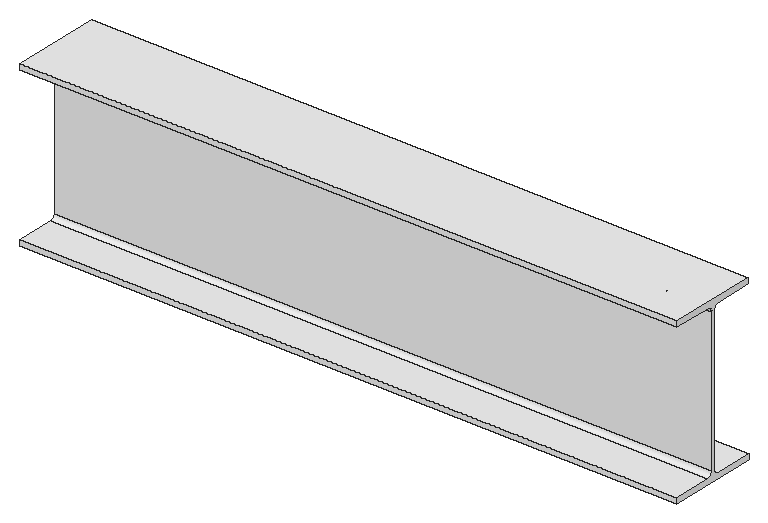
Revit family "VU-Viga universal", category Quadro estrutural, Revit 2019
Family settings
  Arredondamento do comprimento do framing estrutural = 0 mm
  Forma do corte = Não definido
  Material para o comportamento do modelo = Aço
  Exportar sempre como geometria = Não
  Número OmniClass = 23.25.30.11.14.14
  Título OmniClass = Beams
  ID de item do Seek = UB-Universal Beam-0000-CAN-ENU
  Sempre na vertical = Sim
  Corte com vazios quando carregada = Não
  Representação simbólica = Das configurações de projeto
  Compartilhado = Não
  Exibir o pré-corte da família na vista da planta = Sim
Parameters (values of type "305x165x40UB")
  W = 0
  Structural Material [instance] = Aço, 45-345
  Assembly Code = ""
  Ix = 8503
  Length [instance] = 1524 mm
  M = 40.3
  Nominal h = "305"
  Zx = 560
  b = 165 mm
  h = 303.4 mm
  r = 8.9 mm
  s = 6 mm
  t = 10.2 mm
  A = 0.005 m²
Reference planes
  plane 1 "Centro (Frente/Trás)": y = 0
  plane 2: z = 0
  plane 3 "Centro (Esquerda/Direita)": x = 4.61
  plane 4 "Membro esquerdo": x = -604.99
  plane 5 "Membro direito": x = 614.21
  plane 6: y = 82.5
  plane 7: y = -82.5
  plane 8 "Superior": z = 151.7
  plane 9: z = -151.7
  plane 10 "Esquerda": x = -757.39
  plane 11 "Direita": x = 766.61
Forms (mm)
  Sweep 1, solid, material "Aço, 45-345" <- "Structural Material", detail levels fine
    path origin (0, 0, 0) x (1, 0, 0) y (0, 1, 0)
      loop
        line (614.21, 0) -> (-604.99, 0)
    profile "M_W-Flange ampla-Perfil-Alto : M_W-Flange ampla-Perfil-Alto" origin (4.61, 0, 0) x (0, -1, 0) y (0, 0, 1)
      loop
        line (-82.5, -151.7) -> (82.5, -151.7) -> (82.5, -141.5) -> (11.9, -141.5)
        arc (11.9, -141.5) -> (5.607, -138.893) -> (3, -132.6) r 8.9
        line (3, -132.6) -> (3, 132.6)
        arc (3, 132.6) -> (5.607, 138.893) -> (11.9, 141.5) r 8.9
        line (11.9, 141.5) -> (82.5, 141.5) -> (82.5, 151.7) -> (-82.5, 151.7) -> (-82.5, 141.5) -> (-11.9, 141.5)
        arc (-11.9, 141.5) -> (-5.607, 138.893) -> (-3, 132.6) r 8.9
        line (-3, 132.6) -> (-3, -132.6)
        arc (-3, -132.6) -> (-5.607, -138.893) -> (-11.9, -141.5) r 8.9
        line (-11.9, -141.5) -> (-82.5, -141.5) -> (-82.5, -151.7)
  Sweep 2, solid, material "Aço, 45-345" <- "Structural Material", detail levels medium
    path origin (0, 0, 0) x (1, 0, 0) y (0, 1, 0)
      loop
        line (614.21, 0) -> (-604.99, 0)
    profile "M_W-Flange ampla-Perfil-Médio : M_W-Flange ampla-Perfil-Médio" origin (4.61, 0, 0) x (0, -1, 0) y (0, 0, 1)
      loop
        line (-82.5, -151.7) -> (82.5, -151.7) -> (82.5, -141.5) -> (3, -141.5) -> (3, 141.5) -> (82.5, 141.5) -> (82.5, 151.7) -> (-82.5, 151.7) -> (-82.5, 141.5) -> (-3, 141.5) -> (-3, -141.5) -> (-82.5, -141.5) -> (-82.5, -151.7)
Lines and regions (mm)
  symbolic lines, style "Faces ocultas", detail levels medium+fine
    curve 1: line (614.21, -3, 0) -> (-604.99, -3, 0)
    curve 2: line (614.21, 3, 0) -> (-604.99, 3, 0)
  symbolic lines, style "Símbolos de vara", detail levels coarse
    curve 3: line (4.61, 82.5, 151.7) -> (4.61, -82.5, 151.7)
    curve 4: line (4.61, -82.5, -151.7) -> (4.61, 82.5, -151.7)
    curve 5: line (4.61, 0, 151.7) -> (4.61, 0, -151.7)
Dimensions and locks
  "b": plane 6 to plane 7
  "h": plane 9 to plane 8 "Superior"
  equal spacing: plane 9, plane 2, plane 8 "Superior"
  equal spacing: plane 6, plane 1 "Centro (Frente/Trás)", plane 7
  "Length": plane 10 "Esquerda" to plane 11 "Direita"
  aligned and locked: Sweep 1 sketch curve to plane 1 "Centro (Frente/Trás)"
  aligned and locked: Sweep 2 sketch curve to plane 1 "Centro (Frente/Trás)"
  aligned and locked: Sweep 2 to curve 3  (x2)
  aligned and locked: Sweep 2 to curve 4  (x2)
  aligned and locked: curve 4 to Sweep 2
  aligned and locked: curve 3 to Sweep 2
  aligned and locked: plane 4 "Membro esquerdo" to Sweep 2 sketch curve
  aligned and locked: plane 5 "Membro direito" to Sweep 2 sketch curve
  aligned and locked: plane 4 "Membro esquerdo" to Sweep 1 sketch curve
  aligned and locked: plane 5 "Membro direito" to Sweep 1 sketch curve
  aligned and locked: plane 4 "Membro esquerdo" to curve 1
  aligned and locked: plane 4 "Membro esquerdo" to curve 2
  aligned and locked: plane 5 "Membro direito" to curve 1
  aligned and locked: plane 5 "Membro direito" to curve 2
Automatic sketch dimensions
  plane 1 "Centro (Frente/Trás)" to curve 1 = 3 mm
  curve 2 to plane 1 "Centro (Frente/Trás)" = 3 mm
  curve 5 to plane 1 "Centro (Frente/Trás)" = 0 mm
Types in the file's own list only (72): name | Ix | M | Nominal h | Zx | b | h | r | s | t | A
  1016x305x487UB | 1021400 | 486.6 | "1016" | 19720 | 309 mm | 1036 mm | 30 mm | 30 mm | 54 mm | 0.06 m²
  1016x305x437UB | 909900 | 436.9 | "1016" | 17740 | 305 mm | 1026 mm | 30 mm | 27 mm | 49 mm | 0.06 m²
  1016x305x393UB | 807700 | 392.7 | "1016" | 15900 | 303 mm | 1016 mm | 30 mm | 24 mm | 44 mm | 0.05 m²
  1016x305x349UB | 723100 | 349.4 | "1016" | 14350 | 302 mm | 1008 mm | 30 mm | 21 mm | 40 mm | 0.04 m²
  1016x305x314UB | 644200 | 314.3 | "1016" | 12880 | 300 mm | 1000 mm | 30 mm | 19 mm | 36 mm | 0.04 m²
  1016x305x272UB | 554000 | 272.3 | "1016" | 11190 | 300 mm | 990 mm | 30 mm | 17 mm | 31 mm | 0.03 m²
  1016x305x249UB | 481300 | 248.7 | "1016" | 9821 | 300 mm | 980 mm | 30 mm | 17 mm | 26 mm | 0.03 m²
  1016x305x222UB | 408000 | 222 | "1016" | 8409 | 300 mm | 970 mm | 30 mm | 16 mm | 21 mm | 0.03 m²
  838x292x194UB | 279200 | 193.8 | "838" | 6641 | 292 mm | 841 mm | 18 mm | 15 mm | 22 mm | 0.02 m²
  838x292x176UB | 246000 | 175.9 | "838" | 5893 | 292 mm | 835 mm | 18 mm | 14 mm | 19 mm | 0.02 m²
  762x267x197UB | 240000 | 196.8 | "762" | 6234 | 268 mm | 770 mm | 17 mm | 16 mm | 25 mm | 0.03 m²
  762x267x173UB | 205300 | 173 | "762" | 5387 | 267 mm | 762 mm | 17 mm | 14 mm | 22 mm | 0.02 m²
  762x267x147UB | 168500 | 146.9 | "762" | 4470 | 265 mm | 754 mm | 17 mm | 13 mm | 18 mm | 0.02 m²
  762x267x134UB | 150700 | 133.9 | "762" | 4018 | 264 mm | 750 mm | 17 mm | 12 mm | 16 mm | 0.02 m²
  686x254x170UB | 170300 | 170.2 | "686" | 4916 | 256 mm | 693 mm | 15 mm | 15 mm | 24 mm | 0.02 m²
  686x254x152UB | 150400 | 152.4 | "686" | 4374 | 255 mm | 688 mm | 15 mm | 13 mm | 21 mm | 0.02 m²
  686x254x140UB | 136300 | 140.1 | "686" | 3987 | 254 mm | 684 mm | 15 mm | 12 mm | 19 mm | 0.02 m²
  686x254x125UB | 118000 | 125.2 | "686" | 3481 | 253 mm | 678 mm | 15 mm | 12 mm | 16 mm | 0.02 m²
  610x305x238UB | 209500 | 238.1 | "610" | 6589 | 311 mm | 636 mm | 17 mm | 18 mm | 31 mm | 0.03 m²
  610x305x179UB | 153000 | 179 | "610" | 4935 | 307 mm | 620 mm | 17 mm | 14 mm | 24 mm | 0.02 m²
  610x305x149UB | 125900 | 149.2 | "610" | 4111 | 305 mm | 612 mm | 17 mm | 12 mm | 20 mm | 0.02 m²
  610x229x140UB | 111800 | 139.9 | "610" | 3622 | 230 mm | 617 mm | 13 mm | 13 mm | 22 mm | 0.02 m²
  610x229x125UB | 98610 | 125.1 | "610" | 3221 | 229 mm | 612 mm | 13 mm | 12 mm | 20 mm | 0.02 m²
  610x229x113UB | 87320 | 113 | "610" | 2874 | 228 mm | 608 mm | 13 mm | 11 mm | 17 mm | 0.01 m²
  610x229x101UB | 75780 | 101.2 | "610" | 2515 | 228 mm | 603 mm | 13 mm | 11 mm | 15 mm | 0.01 m²
  533x210x122UB | 76040 | 122 | "533" | 2793 | 212 mm | 545 mm | 13 mm | 13 mm | 21 mm | 0.02 m²
  533x210x109UB | 66820 | 109 | "533" | 2477 | 211 mm | 540 mm | 13 mm | 12 mm | 19 mm | 0.01 m²
  533x210x101UB | 61520 | 101 | "533" | 2292 | 210 mm | 537 mm | 13 mm | 11 mm | 17 mm | 0.01 m²
  533x210x92UB | 55230 | 92.14 | "533" | 2072 | 209 mm | 533 mm | 13 mm | 10 mm | 16 mm | 0.01 m²
  533x210x82UB | 47540 | 82.2 | "533" | 1800 | 209 mm | 528 mm | 13 mm | 10 mm | 13 mm | 0.01 m²
  457x191x98UB | 45730 | 98.3 | "457" | 1957 | 193 mm | 467 mm | 10 mm | 11 mm | 20 mm | 0.01 m²
  457x191x89UB | 41020 | 89.3 | "457" | 1770 | 192 mm | 463 mm | 10 mm | 11 mm | 18 mm | 0.01 m²
  457x191x82UB | 37050 | 82 | "457" | 1611 | 191 mm | 460 mm | 10 mm | 10 mm | 16 mm | 0.01 m²
  457x191x74UB | 33320 | 74.3 | "457" | 1458 | 190 mm | 457 mm | 10 mm | 9 mm | 15 mm | 0.01 m²
  457x191x67UB | 29380 | 67.1 | "457" | 1296 | 190 mm | 453 mm | 10 mm | 9 mm | 13 mm | 0.01 m²
  457x152x82UB | 36590 | 82.1 | "457" | 1571 | 155 mm | 466 mm | 10 mm | 11 mm | 19 mm | 0.01 m²
  457x152x74UB | 32670 | 74.2 | "457" | 1414 | 154 mm | 462 mm | 10 mm | 10 mm | 17 mm | 0.01 m²
  457x152x67UB | 28930 | 67.2 | "457" | 1263 | 154 mm | 458 mm | 10 mm | 9 mm | 15 mm | 0.01 m²
  457x152x60UB | 25500 | 59.8 | "457" | 1122 | 153 mm | 455 mm | 10 mm | 8 mm | 13 mm | 0.01 m²
  457x152x52UB | 21370 | 52.3 | "457" | 950 | 152 mm | 450 mm | 10 mm | 8 mm | 11 mm | 0.01 m²
  406x178x74UB | 27310 | 74.2 | "406" | 1323 | 180 mm | 413 mm | 10 mm | 10 mm | 16 mm | 0.01 m²
  406x178x67UB | 24330 | 67.1 | "406" | 1189 | 179 mm | 409 mm | 10 mm | 9 mm | 14 mm | 0.01 m²
  406x178x60UB | 21600 | 60.1 | "406" | 1063 | 178 mm | 406 mm | 10 mm | 8 mm | 13 mm | 0.01 m²
  406x178x54UB | 18720 | 54.1 | "406" | 930 | 178 mm | 403 mm | 10 mm | 8 mm | 11 mm | 0.01 m²
  406x140x46UB | 15690 | 46 | "406" | 778 | 142 mm | 403 mm | 10 mm | 7 mm | 11 mm | 0.01 m²
  406x140x39UB | 12510 | 39 | "406" | 629 | 142 mm | 398 mm | 10 mm | 6 mm | 9 mm | 0.00 m²
  356x171x67UB | 19460 | 67.1 | "356" | 1071 | 173 mm | 363 mm | 10 mm | 9 mm | 16 mm | 0.01 m²
  356x171x57UB | 16040 | 57 | "356" | 896 | 172 mm | 358 mm | 10 mm | 8 mm | 13 mm | 0.01 m²
  356x171x51UB | 14140 | 51 | "356" | 796 | 172 mm | 355 mm | 10 mm | 7 mm | 12 mm | 0.01 m²
  356x171x45UB | 12070 | 45 | "356" | 687 | 171 mm | 351 mm | 10 mm | 7 mm | 10 mm | 0.01 m²
  356x127x39UB | 10170 | 39.1 | "356" | 576 | 126 mm | 353 mm | 10 mm | 7 mm | 11 mm | 0.00 m²
  356x127x33UB | 8249 | 33.1 | "356" | 473 | 125 mm | 349 mm | 10 mm | 6 mm | 9 mm | 0.00 m²
  305x165x54UB | 11700 | 54 | "305" | 754 | 167 mm | 310 mm | 9 mm | 8 mm | 14 mm | 0.01 m²
  305x165x46UB | 9899 | 46.1 | "305" | 646 | 166 mm | 307 mm | 9 mm | 7 mm | 12 mm | 0.01 m²
  305x127x48UB | 9575 | 48.1 | "305" | 616 | 125 mm | 311 mm | 9 mm | 9 mm | 14 mm | 0.01 m²
  305x127x42UB | 8196 | 41.9 | "305" | 534 | 124 mm | 307 mm | 9 mm | 8 mm | 12 mm | 0.01 m²
  305x127x37UB | 7171 | 37 | "305" | 471 | 123 mm | 304 mm | 9 mm | 7 mm | 11 mm | 0.00 m²
  305x102x33UB | 6501 | 32.8 | "305" | 416 | 102 mm | 313 mm | 8 mm | 7 mm | 11 mm | 0.00 m²
  305x102x28UB | 5366 | 28.2 | "305" | 348 | 102 mm | 309 mm | 8 mm | 6 mm | 9 mm | 0.00 m²
  305x102x25UB | 4455 | 24.8 | "305" | 292 | 102 mm | 305 mm | 8 mm | 6 mm | 7 mm | 0.00 m²
  254x146x43UB | 6544 | 43 | "254" | 504 | 147 mm | 260 mm | 8 mm | 7 mm | 13 mm | 0.01 m²
  254x146x37UB | 5537 | 37 | "254" | 433 | 146 mm | 256 mm | 8 mm | 6 mm | 11 mm | 0.00 m²
  254x146x31UB | 4413 | 31.1 | "254" | 351 | 146 mm | 251 mm | 8 mm | 6 mm | 9 mm | 0.00 m²
  254x102x28UB | 4005 | 28.3 | "254" | 308 | 102 mm | 260 mm | 8 mm | 6 mm | 10 mm | 0.00 m²
  254x102x25UB | 3415 | 25.2 | "254" | 266 | 102 mm | 257 mm | 8 mm | 6 mm | 8 mm | 0.00 m²
  254x102x22UB | 2841 | 22 | "254" | 224 | 102 mm | 254 mm | 8 mm | 6 mm | 7 mm | 0.00 m²
  203x133x30UB | 2896 | 30 | "203" | 280 | 134 mm | 207 mm | 8 mm | 6 mm | 10 mm | 0.00 m²
  203x133x25UB | 2340 | 25.1 | "203" | 230 | 133 mm | 203 mm | 8 mm | 6 mm | 8 mm | 0.00 m²
  203x102x23UB | 2105 | 23.1 | "203" | 207 | 102 mm | 203 mm | 8 mm | 5 mm | 9 mm | 0.00 m²
  178x102x19UB | 1356 | 19 | "178" | 153 | 101 mm | 178 mm | 8 mm | 5 mm | 8 mm | 0.00 m²
  152x89x16UB | 834 | 16 | "152" | 109 | 89 mm | 152 mm | 8 mm | 5 mm | 8 mm | 0.00 m²
  127x76x13UB | 473 | 13 | "127" | 74.6 | 76 mm | 127 mm | 8 mm | 4 mm | 8 mm | 0.00 m²
